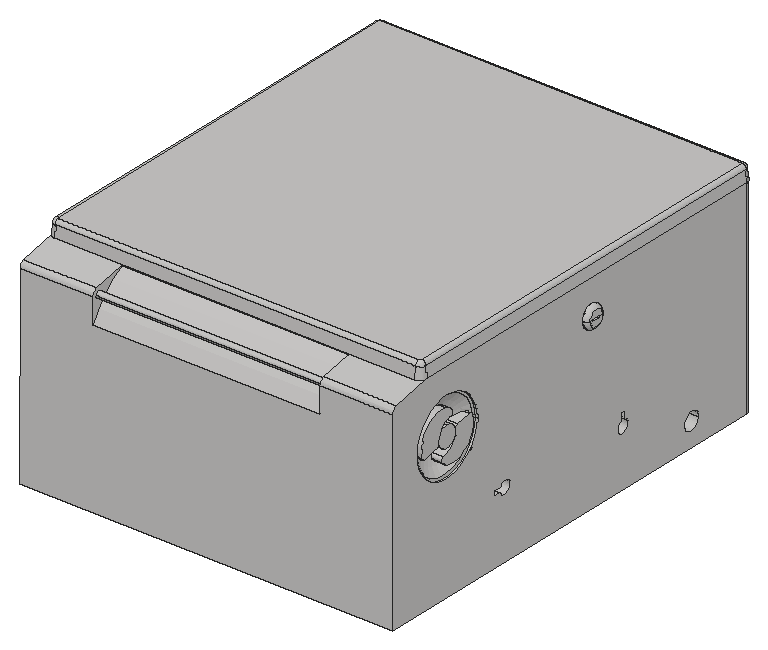
Revit family "xTowel_Dispenser-Bobrick-ClassicSeries-3961-50", category Specialty Equipment, host Face, Revit 2014
Parameters (values of type "3961-50")
  Width = 15 3/16"
  Warranty Information = "1 Year Limited Warranty"
  URL = "http://www.bobrick.com/"
  Type Comments = ""
  Specification = "Convertible universal touch-free roll towel module shall be Type 304 stainless steel with all-welded construction; exposed surfaces shall have satin finish. Door shall be secured to cabinet with a full-length stainless steel piano-hinge and equipped with a tumbler lock keyed like other Bobrick washroom accessories. Towel mechanism dispenses universal, 1-1/2\" to 2\" (38 to 51mm) diameter core, up to 8\" (205mm) wide, 8\" (205mm) diameter, non perforated, non-proprietary paper towel rolls. 800 ft (244mm) long. Touch-Free pull towel mechanism dispenses one 12\" (300mm) length of towel per pull. User only touches the paper. Automatic transfer shall dispense stub roll up to 3-1/2\" (90mm) diameter before new roll is dispensed. Equipped with paper towel feed wheel for use in filling the dispenser, or for user to advance paper should it become necessary to feed paper through dispenser. Paper towels are dispensed with pull force of less than 5 pounds (22.2 N) to comply with accessible design (including ADAAG in U.S.A.). Convertible Universal Touch."
  Product Page URL = "http://www.bobrick.com/washroomaccessories/Pages/ProductDetails.aspx?Product+Number=3961-50"
  Product Documentation Link = "http://www.bobrick.com/Documents/3961-50_td.pdf"
  Price = "Prices may vary. Please consult Manufacturer Representative for most up-to-date price list."  # constant formula
  Model = "3961-50"
  Material = "Stainless Steel-Bobrick-Type 304-Satin"
  Manufacturer = "Bobrick Washroom Equipment, Inc."
  Length = 9 1/16"
  Installation Type = "Secured to cabinet."
  Height = 18 1/4"
  Description = "ClassicSeries® Convertible Universal Roll Towel Module"
  Default Elevation = 44"
  Creation Date = "06/20/2017"
  Assembly Code = "E20"
  ADA Compliant = yes
Reference planes (in)
  plane 1 "Center (Front/Back)": y = 0
  plane 2: z = 0
  plane 3 "Center (Left/Right)": x = 0
  plane 4: y = -0.4588115
  plane 5: y = 17.7911885
  plane 6: z = 9.0625
  plane 7: z = 8.4375
  plane 8: x = -7.59375
  plane 9: x = 7.59375
  plane 10: y = 0.9811881
Forms (in)
  Sweep 1, solid, material "Stainless Steel-Bobrick-Type 304-Satin"
    path origin (0, 0, 8.4375) x (1, 0, 0) y (0, 1, 0)
      loop
        line (7.34375, 17.7911885) -> (-7.34375, 17.7911885)
        arc (-7.34375, 17.7911885) -> (-7.5205267, 17.7179652) -> (-7.59375, 17.5411885) r 0.25
        line (-7.59375, 17.5411885) -> (-7.59375, 1.2311881)
        arc (-7.59375, 1.2311881) -> (-7.5205267, 1.0544114) -> (-7.34375, 0.9811881) r 0.25
        line (-7.34375, 0.9811881) -> (7.34375, 0.9811881)
        arc (7.34375, 0.9811881) -> (7.5205267, 1.0544114) -> (7.59375, 1.2311881) r 0.25
        line (7.59375, 1.2311881) -> (7.59375, 17.5411885)
        arc (7.59375, 17.5411885) -> (7.5205267, 17.7179652) -> (7.34375, 17.7911885) r 0.25
    profile origin (0, 17.7911885, 8.4375) x (0, -1, 0) y (0, 0, 1)
      loop
        line (0, 0) -> (0.2421875, 0) -> (0.2421875, 0.625) -> (0.2036079, 0.625)
        arc (0.2036079, 0.625) -> (0.0866612, 0.5789335) -> (0.0325493, 0.4654851) r 0.1714763
        line (0.0325493, 0.4654851) -> (0, 0)
  Extrusion 2, solid, material "Stainless Steel-Bobrick-Type 304-Satin"
    sketch origin (0, 0, 0) x (0, 1, 0) y (0, 0, 1)
      loop
        line (17.7911885, 0) -> (17.7911885, 8.4375) -> (1.2472999, 8.4375) -> (-0.2607894, 8.1169458)
        arc (-0.2607894, 8.1169458) -> (-0.403098, 8.029739) -> (-0.4588115, 7.8724089) r 0.25
        line (-0.4588115, 7.8724089) -> (-0.4588115, 0) -> (17.7911885, 0)
      loop
        line (11.3331805, 2.8500003) -> (11.1231805, 2.8500003) -> (11.1231805, 2.5487472)
        arc (11.1231805, 2.5487472) -> (11.2281805, 2.0300004) -> (11.3331805, 2.5487472) r 0.27
        line (11.3331805, 2.5487472) -> (11.3331805, 2.8500003)
      loop
        line (4.9794335, 2.8250004) -> (4.6781803, 2.8250004) -> (4.6781803, 2.6150002) -> (4.9794336, 2.6150002)
        arc (4.9794336, 2.6150002) -> (5.4981803, 2.7200005) -> (4.9794335, 2.8250004) r 0.27
      loop
        circle (14.7286887, 0.9700003) r 0.375
    from -7.59375 to 7.59375
  Extrusion 3, solid, material "Stainless Steel-Bobrick-Type 304-Satin"
    sketch origin (0, 0, 0) x (1, 0, 0) y (0, 1, 0)
      loop
        line (7.3679375, 1.1921256) -> (7.3679375, 17.565376) -> (-7.3679375, 17.565376) -> (-7.3679375, 1.1921256) -> (7.3679375, 1.1921256)
    from 8.4375 to 9.0625
  Extrusion 4, void
    sketch origin (0, 0, 0) x (1, 0, 0) y (0, 1, 0)
      loop
        line (-7.34375, 17.7911885) -> (-7.59375, 17.7911885) -> (-7.59375, 17.5411885)
        arc (-7.59375, 17.5411885) -> (-7.5205267, 17.7179652) -> (-7.34375, 17.7911885) r 0.25
      loop
        arc (7.34375, 17.7911885) -> (7.5205267, 17.7179652) -> (7.59375, 17.5411885) r 0.25
        line (7.59375, 17.5411885) -> (7.59375, 17.7911885) -> (7.34375, 17.7911885)
    from 0 to 9.0492506
  Extrusion 5, void
    sketch origin (0, 0, 0) x (0, 1, 0) y (0, 0, 1)
      loop
        arc (-0.2607894, 8.1169458) -> (-0.403098, 8.029739) -> (-0.4588115, 7.8724089) r 0.25
        line (-0.4588115, 7.8724089) -> (-0.4588115, 6.8724089)
        arc (-0.4588115, 6.8724089) -> (0.1412528, 7.7411598) -> (0.9811881, 8.3809362) r 3.3617623
        line (0.9811881, 8.3809362) -> (-0.2607894, 8.1169458)
    from -4.625 to 4.625
  Revolve 6, solid, material "Stainless Steel-Bobrick-Type 304-Satin"
    sketch origin (17.2630875, 0, 7.0596545) x (0, 1, 0) y (-1, 0, 0)
      loop
        line (9.6011886, 9.4377113) -> (9.9161883, 9.4377113)
        arc (9.9161883, 9.4377113) -> (10.0114832, 9.5181849) -> (10.0560379, 9.6346839) r 0.25
        arc (10.0560379, 9.6346839) -> (10.048327, 9.6589372) -> (10.0250996, 9.6693375) r 0.0311374
        line (10.0250996, 9.6693375) -> (9.6011886, 9.6693375) -> (9.6011886, 9.4377113)
      axis (9.6011886, 9.4377113) -> (9.6011886, 9.6693375)
    angle from 0 to 360
  Revolve 7, void
    sketch origin (1.7251021, 0, 5.8686479) x (1, 0, 0) y (0, 1, 0)
      loop
        line (5.8686479, 2.2829033) -> (5.8686479, 3.7245905) -> (5.8686479, 3.8278721) -> (5.756822, 3.8278721) -> (5.756822, 3.7245905)
        arc (5.756822, 3.7245905) -> (5.384602, 3.0462309) -> (5.2579111, 2.2829033) r 2.3044021
        line (5.2579111, 2.2829033) -> (5.8686479, 2.2829033)
      axis (5.2579111, 2.2829033) -> (5.8686479, 2.2829033)
    angle from 0 to 360
  Extrusion 8, solid, material "Stainless Steel-Bobrick-Type 304-Satin"
    sketch origin (0, 0, 0) x (0, 1, 0) y (0, 0, 1)
      loop
        circle (2.2926183, 5.8646817) r 0.4147877
      loop
        arc (1.8594998, 5.8186505) -> (2.0192423, 6.2928347) -> (2.4544256, 6.5397837) r 0.7011621
        arc (2.4544256, 6.5397837) -> (2.5442399, 6.6074332) -> (2.537129, 6.7196495) r 0.1185135
        arc (2.537129, 6.7196495) -> (2.4105697, 6.8533942) -> (2.2418804, 6.9272103) r 0.4628303
        arc (2.2418804, 6.9272103) -> (1.252162, 6.6104763) -> (1.0282579, 5.5957202) r 1.0421395
        arc (1.0282579, 5.5957202) -> (1.0720262, 5.5408869) -> (1.141296, 5.5297492) r 0.0972937
        line (1.141296, 5.5297492) -> (1.7326464, 5.6554446)
        arc (1.7326464, 5.6554446) -> (1.8258899, 5.7138721) -> (1.8594998, 5.8186505) r 0.1603117
      loop
        arc (2.7257369, 5.910713) -> (2.5659943, 5.4365288) -> (2.130811, 5.1895798) r 0.7011621
        arc (2.130811, 5.1895798) -> (2.0409968, 5.1219303) -> (2.0481077, 5.009714) r 0.1185135
        arc (2.0481077, 5.009714) -> (2.174667, 4.8759693) -> (2.3433563, 4.8021532) r 0.4628303
        arc (2.3433563, 4.8021532) -> (3.3330746, 5.1188872) -> (3.5569787, 6.1336432) r 1.0421395
        arc (3.5569787, 6.1336432) -> (3.5132104, 6.1884765) -> (3.4439406, 6.1996143) r 0.0972937
        line (3.4439406, 6.1996143) -> (2.8525902, 6.0739189)
        arc (2.8525902, 6.0739189) -> (2.7593467, 6.0154914) -> (2.7257369, 5.910713) r 0.1603117
    from 6.8290882 to 7.5889925
  Extrusion 9, solid, material "Stainless Steel-Bobrick-Type 304-Satin"
    sketch origin (0, 0, 0) x (0, 1, 0) y (0, 0, 1)
      loop
        circle (-0.2088115, 7.8724089) r 0.125
    from -4.625 to 4.6287826
  Extrusion 10, void
    sketch origin (0, 0, 0) x (0, 1, 0) y (0, 0, 1)
      loop
        line (9.7511886, 7.1002505) -> (9.3611885, 7.1002505) -> (9.3611885, 7.0182504) -> (9.7511886, 7.0182504) -> (9.7511886, 7.1002505)
    from 7.517558 to 7.8253762
Cuts and joins
  joined: Sweep 1, Extrusion 3
  Extrusion 4, Extrusion 5, Revolve 7 cuts Extrusion 2
  Extrusion 10 cuts Revolve 6
  Extrusion 10 cuts Extrusion 8
  Extrusion 10 cuts Extrusion 9
  joined: Extrusion 2, Revolve 6, Extrusion 8, Extrusion 9
Lines and regions (in)
  Masking region 1
    outline origin (0, 0, 0) x (1, 0, 0) y (0, 0, 1)
      loop
        arc (7.5612007, 8.9029851) -> (7.5070888, 9.0164335) -> (7.3901421, 9.0625) r 0.1714763
        line (7.3901421, 9.0625) -> (-7.3901421, 9.0625)
        arc (-7.3901421, 9.0625) -> (-7.5070888, 9.0164335) -> (-7.5612007, 8.9029851) r 0.1714763
        line (-7.5612007, 8.9029851) -> (-7.59375, 8.4375) -> (-7.59375, 0) -> (7.59375, 0) -> (7.59375, 6.6357434)
        arc (7.59375, 6.6357434) -> (7.6041503, 6.612516) -> (7.6284036, 6.6048052) r 0.0311374
        arc (7.6284036, 6.6048052) -> (7.7449026, 6.6493599) -> (7.8253762, 6.7446548) r 0.25
        line (7.8253762, 6.7446548) -> (7.8253762, 7.3746542)
        arc (7.8253762, 7.3746542) -> (7.7449026, 7.4699491) -> (7.6284036, 7.5145038) r 0.25
        arc (7.6284036, 7.5145038) -> (7.6041503, 7.5067929) -> (7.59375, 7.4835655) r 0.0311374
        line (7.59375, 7.4835655) -> (7.59375, 8.4375) -> (7.5612007, 8.9029851)
  symbolic lines, detail levels medium+fine
    curve 1: line (7.59375, 0, 8.4375) -> (-7.59375, 0, 8.4375)
    curve 2: line (7.59375, 0, 7.4835655) -> (7.59375, 0, 6.6357434)
Dimensions and locks (in)
  "Length": plane 6 to host face
  "Width": plane 8 to plane 9
  "Height": plane 5 to plane 4
  aligned and locked: plane 2 to host face
  aligned and locked: level to host face
Automatic sketch dimensions
  host sketch curve to host sketch curve = 96"  (x2)
  Sweep 1 sketch curve to plane 8 = 0"
  Sweep 1 sketch curve to plane 5 = 0"
  Sweep 1 sketch curve to plane 10 = 0"
  Sweep 1 sketch curve to plane 9 = 0"
  plane 8 to Sweep 1 sketch curve = 1/4"  (x2)
  Sweep 1 sketch curve to plane 9 = 1/4"
  Sweep 1 sketch curve to plane 5 = 1/4"
  Sweep 1 sketch curve to profile plane = 0"  (x2)
  Sweep 1 sketch curve to profile plane = 0.03255"
  Sweep 1 sketch curve to Sweep 1 sketch curve = 0.17106"
  Sweep 1 sketch curve to Sweep 1 sketch curve = 0.03858"
  profile plane to Sweep 1 sketch curve = 0.45352"
  Sweep 1 sketch curve to Sweep 1 sketch curve = 0.01196"
  Extrusion 2 sketch curve to plane 4 = 0"
  Extrusion 2 sketch curve to plane 5 = 0"
  Extrusion 2 sketch curve to level = 0"
  plane 4 to Extrusion 2 sketch curve = 0.19802"
  plane 1 "Center (Front/Back)" to Extrusion 2 sketch curve = 0.20881"
  Extrusion 2 sketch curve to plane 7 = 0"
  plane 10 to Extrusion 2 sketch curve = 0.26611"
  plane 10 to Extrusion 2 sketch curve = 3.69699"
  Extrusion 2 sketch curve to Extrusion 2 sketch curve = 0.30125"  (x2)
  Extrusion 2 sketch curve to Extrusion 2 sketch curve = 0"
  Extrusion 2 sketch curve to Extrusion 2 sketch curve = 0.24875"  (x2)
  Extrusion 2 sketch curve to Extrusion 2 sketch curve = 5.895"
  Extrusion 2 sketch curve to Extrusion 2 sketch curve = 0.105"  (x2)
  Extrusion 2 sketch curve to Extrusion 2 sketch curve = 0.21"
  level to Extrusion 2 sketch curve = 0.97"
  Extrusion 2 sketch curve to plane 5 = 3 1/16"
  level to Extrusion 2 sketch curve = 2.3"
  level to Extrusion 2 sketch curve = 2.615"
  plane 7 to Extrusion 2 sketch curve = 0.56509"
  plane 8 to Extrusion 3 sketch curve = 0.22581"
  Extrusion 3 sketch curve to plane 9 = 0.22581"
  plane 10 to Extrusion 3 sketch curve = 27/128"
  Extrusion 3 sketch curve to plane 5 = 0.22581"
  Extrusion 4 sketch curve to plane 5 = 0"  (x2)
  Extrusion 4 sketch curve to plane 8 = 0"
  Extrusion 4 sketch curve to plane 9 = 0"
  Extrusion 4 sketch curve to Extrusion 4 sketch curve = 1/4"  (x2)
  Extrusion 5 sketch curve to plane 4 = 0"
  Extrusion 5 sketch curve to plane 10 = 0"
  plane 4 to Extrusion 5 sketch curve = 0.19802"
  plane 1 "Center (Front/Back)" to Extrusion 5 sketch curve = 0.20881"
  plane 10 to Extrusion 5 sketch curve = 1.59178"
  plane 7 to Extrusion 5 sketch curve = 3.01759"
  plane 7 to Extrusion 5 sketch curve = 1.56509"
  plane 7 to Extrusion 5 sketch curve = 0.56509"
  Revolve 6 sketch curve to plane 9 = 0"  (x2)
  plane 9 to Revolve 6 sketch curve = 0.23163"
  Revolve 6 sketch curve to plane 5 = 8.19"
  plane 9 to Revolve 6 sketch curve = 0.00642"
  Revolve 6 sketch curve to Revolve 6 sketch curve = 0.20645"
  Revolve 6 sketch curve to Revolve 6 sketch curve = 0.10855"
  Revolve 6 sketch curve to Revolve 6 sketch curve = 0.21746"
  plane 9 to Revolve 6 sketch curve = 0.03114"
  Revolve 6 sketch curve to Revolve 6 sketch curve = 0"
  Revolve 6 sketch curve to Revolve 6 sketch curve = 0.06585"
  Revolve 7 sketch curve to plane 9 = 0"
  Revolve 7 sketch curve to Revolve 7 sketch curve = 0.11183"  (x2)
  Revolve 7 sketch curve to Revolve 7 sketch curve = 0.61074"
  plane 9 to Revolve 7 sketch curve = 1.69364"
  plane 10 to Revolve 7 sketch curve = 1.30172"
  plane 10 to Revolve 7 sketch curve = 1.31143"
  Revolve 7 sketch curve to Revolve 7 sketch curve = 0"  (x2)
  Revolve 7 sketch curve to Revolve 7 sketch curve = 0.10328"
  Revolve 7 sketch curve to Revolve 7 sketch curve = 0.24891"
  plane 10 to Extrusion 8 sketch curve = 0.13988"
  Extrusion 8 sketch curve to Extrusion 8 sketch curve = 0.02023"  (x2)
  Extrusion 8 sketch curve to Extrusion 8 sketch curve = 0.57825"
  Extrusion 8 sketch curve to Extrusion 8 sketch curve = 0.03333"  (x2)
  Extrusion 8 sketch curve to Extrusion 8 sketch curve = 0.32305"
  Extrusion 8 sketch curve to Extrusion 8 sketch curve = 0.00277"  (x2)
  Extrusion 8 sketch curve to Extrusion 8 sketch curve = 0.12202"
  Extrusion 8 sketch curve to Extrusion 8 sketch curve = 0.41603"
  Extrusion 8 sketch curve to Extrusion 8 sketch curve = 0.26749"  (x2)
  Extrusion 8 sketch curve to Extrusion 8 sketch curve = 0.29217"  (x2)
  Extrusion 8 sketch curve to Extrusion 8 sketch curve = 0.29249"
  Extrusion 8 sketch curve to Extrusion 8 sketch curve = 0.59135"
  plane 7 to Extrusion 8 sketch curve = 3.36508"
  Extrusion 8 sketch curve to Extrusion 8 sketch curve = 0.18218"  (x2)
  Extrusion 8 sketch curve to Extrusion 8 sketch curve = 0.45733"
  Extrusion 8 sketch curve to Extrusion 8 sketch curve = 0.09517"  (x2)
  Extrusion 8 sketch curve to Extrusion 8 sketch curve = 0.1257"
  Extrusion 8 sketch curve to Extrusion 8 sketch curve = 0.15681"  (x2)
  Extrusion 8 sketch curve to Extrusion 8 sketch curve = 0.56631"  (x2)
  Extrusion 8 sketch curve to Extrusion 8 sketch curve = 0.02572"  (x2)
  Extrusion 8 sketch curve to Extrusion 8 sketch curve = 0.01805"
  Extrusion 8 sketch curve to Extrusion 8 sketch curve = 0.06408"
  Extrusion 8 sketch curve to Extrusion 8 sketch curve = 0.07048"
  Extrusion 8 sketch curve to Extrusion 8 sketch curve = 0.18734"
  Extrusion 8 sketch curve to Extrusion 8 sketch curve = 0"  (x7)
  Extrusion 8 sketch curve to Extrusion 8 sketch curve = 0.10057"
  plane 1 "Center (Front/Back)" to Extrusion 9 sketch curve = 0.20881"
  plane 7 to Extrusion 9 sketch curve = 0.56509"
  plane 7 to Extrusion 10 sketch curve = 1.33725"
  plane 10 to Extrusion 10 sketch curve = 8.38"
  Extrusion 10 sketch curve to Extrusion 10 sketch curve = 0.39"
  Extrusion 10 sketch curve to Extrusion 10 sketch curve = 0.082"
  Masking region 1 sketch curve to plane 7 = 0"  (x2)
  Masking region 1 sketch curve to plane 8 = 0"
  Masking region 1 sketch curve to plane 6 = 0"
  Masking region 1 sketch curve to level = 0"
  Masking region 1 sketch curve to plane 9 = 0"  (x2)
  plane 8 to Masking region 1 sketch curve = 0.03255"
  plane 8 to Masking region 1 sketch curve = 0.20361"
  Masking region 1 sketch curve to plane 9 = 0.20361"
  Masking region 1 sketch curve to plane 9 = 0.03255"
  plane 9 to Masking region 1 sketch curve = 0.00642"  (x2)
  Masking region 1 sketch curve to Masking region 1 sketch curve = 0.03114"  (x2)
  Masking region 1 sketch curve to Masking region 1 sketch curve = 0.20049"
  Masking region 1 sketch curve to Masking region 1 sketch curve = 1.80176"
  Masking region 1 sketch curve to Masking region 1 sketch curve = 0.10891"
  Masking region 1 sketch curve to Masking region 1 sketch curve = 0.21746"  (x2)
  Masking region 1 sketch curve to Masking region 1 sketch curve = 0.4129"
  Masking region 1 sketch curve to Masking region 1 sketch curve = 0.10855"
  Masking region 1 sketch curve to Masking region 1 sketch curve = 0.17148"  (x2)
  curve 1 to plane 7 = 0"
  curve 1 to plane 8 = 0"
  curve 2 to plane 9 = 0"
  curve 1 to plane 9 = 0"
  plane 7 to curve 2 = 0.95393"
  curve 2 to curve 2 = 0.84782"
  radius of Extrusion 2 sketch curve = 3/8"
  radius of Extrusion 8 sketch curve = 0.41479"
  radius of Extrusion 9 sketch curve = 1/8"
